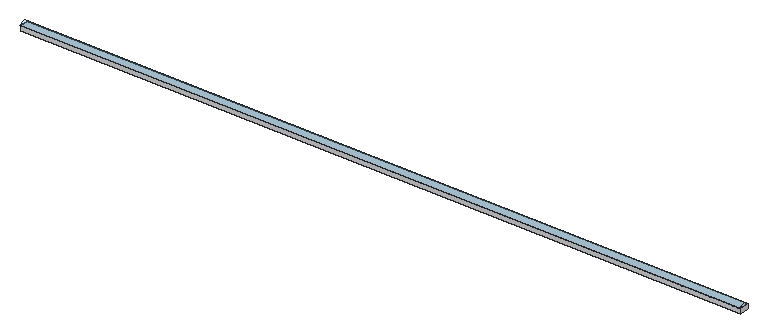
Revit family "127V ECO SENCILLA 2835 IP67_SD260.W.1_N.1", category Luminarias, Revit 2019
Family settings
  Cota de conector redondo = Diámetro de uso
  Tipo de pieza = Normal
  Se basa en plano de trabajo = Sí
  Siempre vertical = No
  Corte con vacíos al cargar = No
  Origen de luz = Sí
  Compartido = No
  Punto de cálculo de habitación = No
Parameters (values of type "127V ECO SENCILLA 2835 IP67_SD260.W.1")
  Tilt Angle = 60.00°
  built-in parameter 1010506 = 0.5236 (stored number, unit not read)
  built-in parameter 1010507 = 1.5708 (stored number, unit not read)
  Zone [instance] = ""
  Watt per fixture [instance] = (Longitud / 1000 mm) * (7.6)  # 7.6
  Wattage = 7.6 W
  built-in parameter 1150107 = 3000 (stored number, unit not read)
  built-in parameter 1150110 = 1 (stored number, unit not read)
  built-in parameter 1150109 = 1 (stored number, unit not read)
  built-in parameter 1150112 = 1 (stored number, unit not read)
  built-in parameter 1150113 = 1 (stored number, unit not read)
  built-in parameter 1114218 = 1 (stored number, unit not read)
  built-in parameter 1150137 = (empty or 0)
  built-in parameter 1150132 = (empty or 0)
  Modelo = "SD260.W.1"
  Lámpara = "2835 SMD"
  Longitud de símbolo de origen de luz = 1000 mm
  Longitud de línea de emisión = 600 mm
  Longitud [instance] = 1000 mm
  LCl1 Conector Intermedio [instance] = 0
  LCG2 Funda Termo contractil [instance] = (LCC5 Convertidor de Corriente) * (2)  # 2
  LCF1 Tapa Final [instance] = (LCC5 Convertidor de Corriente) * (1)  # 1
  LCC5 Convertidor de Corriente [instance] = 1
  LCC1 Convertidor de corriente [instance] = 1
  LCA2 Conector Aguja [instance] = (LCC5 Convertidor de Corriente) * (1)  # 1
  built-in parameter 1150105 = 1102.8 (stored number, unit not read)
  built-in parameter 1150102 = (empty or 0)
  built-in parameter 1150106 = 11.028 (stored number, unit not read)
  Lumens = 329.84 lm
  Color Filter = 16777215
  built-in parameter 1114217 = 1 (stored number, unit not read)
  built-in parameter 1150139 = (empty or 0)
  Fabricante = "BRILLANT"
  Default Elevation = 0 mm
  built-in parameter 1150104 = 4.032 (stored number, unit not read)
  Descripción = "TIRA LED SENCILLA DE PCB CON RECUBRIMIENTO DE PLASTICO 11MM MONOCROMATICA , CON UNA POTENCIA DE 7.6W/M DE UN TIPO DE LED 2835 SMD, USO PARA INTERIORES COMO EXTERIORES IP67, IRC80, 60 LEDS POR METRO, PRESENTACION DE 50M, TEMPERATURA EN BLANCO CALIDO 3000K, 329.88 LUMENES POR METRO, EFICIENCIA DE 43.4 LM/W, CORTE A 50CM, ALIMENTADA A 127V, REQUIERE ACCESORIOS COMO CONVERTIDOR DE CORRIENTE (1 POR SEGMENTO DE TIRA), CONECTOR INTERMEDIO (CONSIDERAR EN CORTES DE TIRA O ANGULOS CERRADOS), CONECTOR AGUJA (CONSIDERAR 1PZA PRO CADA CONVERTIDOR), FUNDA TERMOCONTRACTIL (CONSIDERAR 2PZAS POR SEGMENTO DE TIRA), TAPA FINAL (CONSIDERAR 1PZA POR SEGMENTO DE TIRA) Y CLIPS DE SUJECION (CONSIDERAR 4 PZAS POR 1M)"
  built-in parameter 1150115 = 1 (stored number, unit not read)
  built-in parameter 1150114 = 1 (stored number, unit not read)
  Costo USD_SD260 [instance] = (Longitud / 1000 mm) * (6)  # 6
  Cost = 0
  Comentarios de vataje = "127V"
  built-in parameter 1150138 = (empty or 0)
  built-in parameter 1150134 = (empty or 0)
  Circuit [instance] = ""
  Dimming Lamp Color Temperature Shift = (empty or 0)
  CL3 Clips de sujecion [instance] = (Longitud / 1000 mm) * (4)  # 4
  built-in parameter 1150133 = 10 (stored number, unit not read)
Types (2, lengths in mm): name | built-in parameter 1150107 | Modelo | Descripción
  127V ECO SENCILLA 2835 IP67_SD260.W.1 | 3000 (stored number, unit not read) | "SD260.W.1" | "TIRA LED SENCILLA DE PCB CON RECUBRIMIENTO DE PLASTICO 11MM MONOCROMATICA , CON UNA POTENCIA DE 7.6W/M DE UN TIPO DE LED 2835 SMD, USO PARA INTERIORES COMO EXTERIORES IP67, IRC80, 60 LEDS POR METRO, PRESENTACION DE 50M, TEMPERATURA EN BLANCO CALIDO 3000K, 329.88 LUMENES POR METRO, EFICIENCIA DE 43.4 LM/W, CORTE A 50CM, ALIMENTADA A 127V, REQUIERE ACCESORIOS COMO CONVERTIDOR DE CORRIENTE (1 POR SEGMENTO DE TIRA), CONECTOR INTERMEDIO (CONSIDERAR EN CORTES DE TIRA O ANGULOS CERRADOS), CONECTOR AGUJA (CONSIDERAR 1PZA PRO CADA CONVERTIDOR), FUNDA TERMOCONTRACTIL (CONSIDERAR 2PZAS POR SEGMENTO DE TIRA), TAPA FINAL (CONSIDERAR 1PZA POR SEGMENTO DE TIRA) Y CLIPS DE SUJECION (CONSIDERAR 4 PZAS POR 1M)"
  127V ECO SENCILLA 2835 IP67_SD260.N.1 | 4500 (stored number, unit not read) | "SD260.N.1" | "TIRA LED SENCILLA DE PCB CON RECUBRIMIENTO DE PLASTICO 11MM MONOCROMATICA , CON UNA POTENCIA DE 7.6W/M DE UN TIPO DE LED 2835 SMD, USO PARA INTERIORES COMO EXTERIORES IP67, IRC80, 60 LEDS POR METRO, PRESENTACION DE 50M, TEMPERATURA EN BLANCO FRIO 4500K, 329.88 LUMENES POR METRO, EFICIENCIA DE 43.4 LM/W, CORTE A 50CM, ALIMENTADA A 127V, REQUIERE ACCESORIOS COMO CONVERTIDOR DE CORRIENTE (1 POR SEGMENTO DE TIRA), CONECTOR INTERMEDIO (CONSIDERAR EN CORTES DE TIRA O ANGULOS CERRADOS), CONECTOR AGUJA (CONSIDERAR 1PZA PRO CADA CONVERTIDOR), FUNDA TERMOCONTRACTIL (CONSIDERAR 2PZAS POR SEGMENTO DE TIRA), TAPA FINAL (CONSIDERAR 1PZA POR SEGMENTO DE TIRA) Y CLIPS DE SUJECION (CONSIDERAR 4 PZAS POR 1M)"
Reference planes
  plane 1 "Centro (Frontal/Posterior)": y = 0
  plane 2: z = 0
  plane 3 "Centro (Izquierda/Derecha)": x = 0
  plane 4: x = 0
  plane 5: z = 12
  plane 6: x = -1000
Forms (mm)
  Extrusion 1, solid
    sketch origin (0, 0, 0) x (1, 0, 0) y (0, 1, 0)
      loop
        line (-1000, 6.476) -> (-1000, -6.493) -> (0, -6.493) -> (0, 6.476) -> (-1000, 6.476)
    from 0 to 6.038
  Extrusion 2, solid, material "Cristal"
    sketch origin (0, 0, 0) x (0, 1, 0) y (0, 0, 1)
      loop
        arc (6.5, 6.038) -> (0, 10.038) -> (-6.5, 6.038) r 7.281
        line (-6.5, 6.038) -> (6.5, 6.038)
    from -1000 to 0
Dimensions and locks
  "Longitud": plane 6 to plane 4
  "Longitud": plane 6 to plane 3 "Centro (Izquierda/Derecha)"
  aligned and locked: level to plane 2
  aligned and locked: Extrusion 1 to plane 4
  aligned and locked: plane 6 to Extrusion 1
  aligned and locked: Extrusion 2 to Extrusion 1
  aligned and locked: plane 3 "Centro (Izquierda/Derecha)" to Extrusion 2
  aligned and locked: plane 3 "Centro (Izquierda/Derecha)" to Extrusion 1
Automatic sketch dimensions
  plane 6 to Extrusion 1 sketch curve = 0 mm
  Extrusion 1 sketch curve to plane 3 "Centro (Izquierda/Derecha)" = 0 mm
  plane 1 "Centro (Frontal/Posterior)" to Extrusion 1 sketch curve = 6.493 mm
  Extrusion 1 sketch curve to plane 1 "Centro (Frontal/Posterior)" = 6.476 mm
  level to Extrusion 2 sketch curve = 2.757 mm
  Extrusion 2 sketch curve to plane 1 "Centro (Frontal/Posterior)" = 0 mm
  plane 1 "Centro (Frontal/Posterior)" to Extrusion 2 sketch curve = 6.5 mm
  Extrusion 2 sketch curve to plane 5 = 5.962 mm
Connectors
  electrical at (0, -0.009, 3.019)
    settings: on Extrusion 1, index 1, voltage 127 V, apparent load 0 VA, apparent load phase1 0 VA, apparent load phase2 0 VA, apparent load phase3 0 VA, power factor 1, load classification "Otro", number of poles 1, system type 31, power factor state 1, is connector primary yes, connector utility no, sub classification motor no, connector description ""
